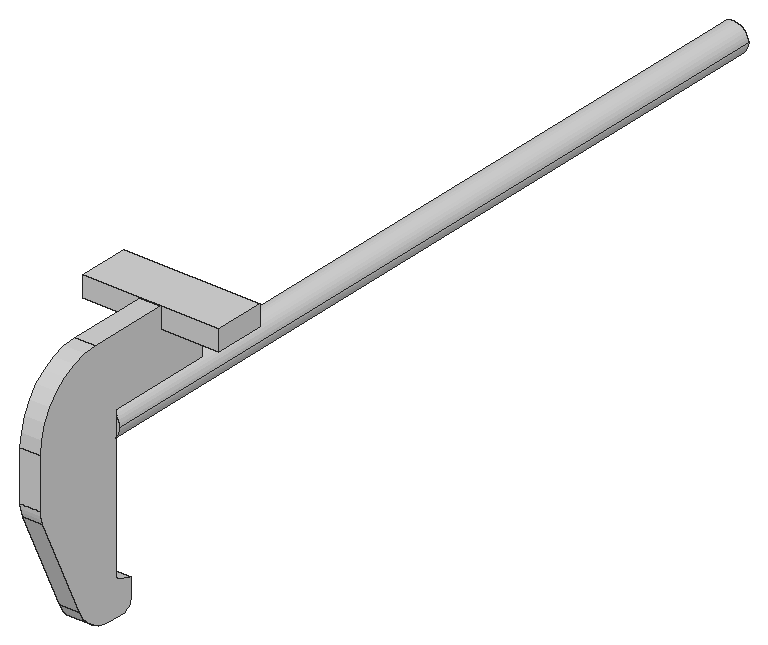
Revit family "MF_LONG BULKHEAD HOOK_1904436", category Modelos genéricos, Revit 2018
Family settings
  Puede alojar armadura = No
  Cota de conector redondo = Diámetro de uso
  Tipo de pieza = Normal
  Número OmniClass = 35.51.14.00
  Título OmniClass = FORMWORK
  Se basa en plano de trabajo = Sí
  Siempre vertical = No
  Corte con vacíos al cargar = No
  Compartido = Sí
  Punto de cálculo de habitación = No
Parameters
  VERSION = "20170217"  # constant formula
  URL = "www.ulmaconstruction.com/en"
  UNICLASS = ""
  Fabricante = "ULMA CONSTRUCTION"  # constant formula
  ITEM_CODE = "1904436"
  FILTER [instance] = ""
  Default Elevation = 0.000 mm
  CLASSIFICATION_TITLE = ""
  CLASSIFICATION_NUMBER = ""
Reference planes
  plane 1 "Centro (Frontal/Posterior)": y = 0
  plane 2: z = 0
  plane 3 "Centro (Izquierda/Derecha)": x = 0
Forms (mm)
  Extrusion 1, solid, material "ULMA ZINC"
    sketch origin (0, 0, 0) x (1, 0, 0) y (0, 0, 1)
      loop
        circle (0, 8.5) r 8.5
    from -460 to 0
  Extrusion 2, solid, material "ULMA ZINC", detail levels fine
    sketch origin (0, 0, 0) x (1, 0, 0) y (0, 1, 0)
      loop
        line (-40, 63) -> (-40, 33) -> (40, 33) -> (40, 63) -> (-40, 63)
    from 45 to 57
  Extrusion 3, solid, material "ULMA ZINC", detail levels fine
    sketch origin (0, 0, 0) x (0, 1, 0) y (0, 0, 1)
      loop
        line (0, 17) -> (63, 17) -> (63, 45) -> (33, 45) -> (33, 57) -> (-15.001, 57)
        arc (-15.001, 57) -> (-43.286, 45.284) -> (-55.001, 17) r 40
        line (-55.001, 17) -> (-55.001, -12.238)
        arc (-55.001, -12.238) -> (-54.575, -16.134) -> (-53.315, -19.845) r 18
        line (-53.315, -19.845) -> (-26.259, -77.866)
        arc (-26.259, -77.866) -> (-17.034, -88.385) -> (-3.602, -92.3) r 25
        line (-3.602, -92.3) -> (5, -92.3)
        arc (5, -92.3) -> (9.243, -90.543) -> (11, -86.3) r 6
        line (11, -86.3) -> (11, -75.578) -> (1.974, -72.293)
        arc (1.974, -72.293) -> (0.543, -71.194) -> (0, -69.474) r 3
        line (0, -69.474) -> (0, 17)
    from -6 to 6
Dimensions and locks
  aligned and locked: level to plane 2
